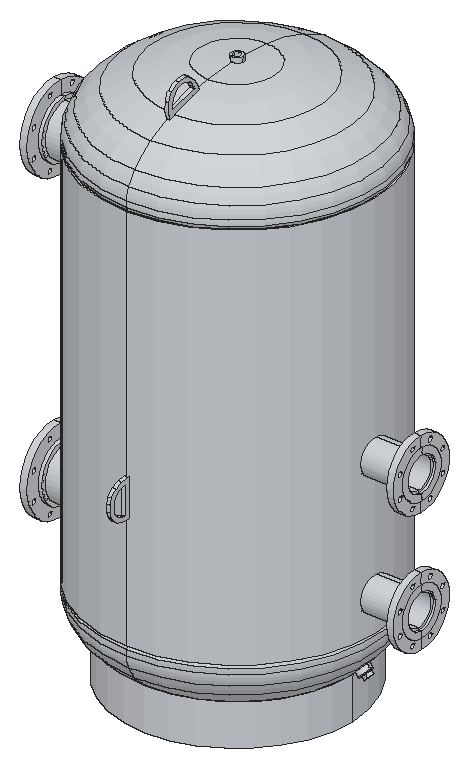
Revit family "HBT-300-46", category Generic Models, Revit 2014
Parameters (values of type "HBT-300-46")
  URL = "http://westank.com/"
  Tank Volume = 300.00 gal
  Part Number = 55643044
  Model = "HBT-300-44"
  Maximum Shipping Weight = 816 lbf
  G = 16"
  B = 6"
  A = 4"
  F = 32"
  E = 56"
  Description = "Wessels ASME 4-port primary-secondary Hot Water Buffer Tanks (HBT) are designed for use with today’s high efficiency systems that incorporate small modular low-mass boilers."
  D = 72"
  C = 36"
Reference planes (in)
  plane 1 "Center (Front/Back)": y = 0
  plane 2: z = 0
  plane 3 "Center (Left/Right)": x = 0
  plane 4: z = 0
  plane 5: x = -18
  plane 6: x = 18
  plane 7: z = 72
  plane 8: z = 56
  plane 9: z = 32
  plane 10: z = 16
Forms (in)
  Revolve 1, solid
    sketch origin (0, -0.02461, 0) x (0, 1, 0) y (0, 0, 1)
      loop
        line (-17.97559, 11.40987) -> (-17.77585, 11.40987)
        arc (-17.77585, 11.40987) -> (-17.77901, 11.38745) -> (-17.78675, 11.36617) r 0.10832
        line (-17.78675, 11.36617) -> (-17.97559, 10.97899)
        arc (-17.97559, 10.97899) -> (-17.97692, 10.6034) -> (-17.93634, 10.23002) r 3.36112
        arc (-17.93634, 10.23002) -> (-17.83534, 9.45516) -> (-17.56075, 8.72359) r 3.4127
        arc (-17.56075, 8.72359) -> (-17.14884, 7.91952) -> (-16.63227, 7.17835) r 6.68364
        arc (-16.63227, 7.17835) -> (-15.41449, 5.9118) -> (-13.99078, 4.88214) r 9.83519
        arc (-13.99078, 4.88214) -> (-12.33964, 3.99029) -> (-10.62031, 3.23825) r 22.63963
        arc (-10.62031, 3.23825) -> (-7.74153, 2.33452) -> (-4.76815, 1.82164) r 22.63963
        arc (-4.76815, 1.82164) -> (-2.37465, 1.61295) -> (0.02461, 1.4865) r 70.02787
        line (0.02461, 1.4865) -> (0.02461, 1.65848)
        arc (0.02461, 1.65848) -> (-2.3657, 1.78462) -> (-4.75028, 1.99258) r 69.85599
        arc (-4.75028, 1.99258) -> (-7.70109, 2.50157) -> (-10.55801, 3.39844) r 22.46775
        arc (-10.55801, 3.39844) -> (-12.26429, 4.14477) -> (-13.9029, 5.02985) r 22.46775
        arc (-13.9029, 5.02985) -> (-15.30173, 6.04151) -> (-16.49823, 7.28593) r 9.66331
        arc (-16.49823, 7.28593) -> (-17.00303, 8.01057) -> (-17.40515, 8.79685) r 6.51177
        arc (-17.40515, 8.79685) -> (-17.66943, 9.50016) -> (-17.76465, 10.24543) r 3.24083
        arc (-17.76465, 10.24543) -> (-17.80397, 10.58906) -> (-17.80585, 10.93493) r 3.18924
        line (-17.80585, 10.93493) -> (-17.63227, 11.29083)
        arc (-17.63227, 11.29083) -> (-17.60804, 11.35818) -> (-17.59889, 11.42917) r 0.33041
        line (-17.59889, 11.42917) -> (-17.80365, 11.42917) -> (-17.80365, 62.07314) -> (-17.59889, 62.07314)
        arc (-17.59889, 62.07314) -> (-17.60804, 62.14413) -> (-17.63227, 62.21149) r 0.33041
        line (-17.63227, 62.21149) -> (-17.80585, 62.56739)
        arc (-17.80585, 62.56739) -> (-17.80397, 62.91325) -> (-17.76465, 63.25688) r 3.18924
        arc (-17.76465, 63.25688) -> (-17.66943, 64.00215) -> (-17.40515, 64.70547) r 3.24083
        arc (-17.40515, 64.70547) -> (-17.00303, 65.49175) -> (-16.49823, 66.21639) r 6.51177
        arc (-16.49823, 66.21639) -> (-15.30173, 67.4608) -> (-13.9029, 68.47247) r 9.66331
        arc (-13.9029, 68.47247) -> (-12.26429, 69.35755) -> (-10.55801, 70.10388) r 22.46775
        arc (-10.55801, 70.10388) -> (-7.70109, 71.00074) -> (-4.75028, 71.50973) r 22.46775
        arc (-4.75028, 71.50973) -> (-2.3657, 71.71769) -> (0.02461, 71.84383) r 69.85599
        line (0.02461, 71.84383) -> (0.02461, 72.01582)
        arc (0.02461, 72.01582) -> (-2.37465, 71.88936) -> (-4.76815, 71.68068) r 70.02787
        arc (-4.76815, 71.68068) -> (-7.74153, 71.16779) -> (-10.62031, 70.26407) r 22.63963
        arc (-10.62031, 70.26407) -> (-12.33964, 69.51203) -> (-13.99078, 68.62018) r 22.63963
        arc (-13.99078, 68.62018) -> (-15.41449, 67.59052) -> (-16.63227, 66.32397) r 9.83519
        arc (-16.63227, 66.32397) -> (-17.14884, 65.58279) -> (-17.56075, 64.77872) r 6.68364
        arc (-17.56075, 64.77872) -> (-17.83534, 64.04715) -> (-17.93634, 63.2723) r 3.4127
        arc (-17.93634, 63.2723) -> (-17.97692, 62.89891) -> (-17.97559, 62.52332) r 3.36112
        line (-17.97559, 62.52332) -> (-17.78675, 62.13614)
        arc (-17.78675, 62.13614) -> (-17.77901, 62.11486) -> (-17.77585, 62.09244) r 0.10832
        line (-17.77585, 62.09244) -> (-17.97559, 62.09244) -> (-17.97559, 11.40987)
      axis (0.02461, 1.4865) -> (0.02461, 72.01582)
    angle from 0 to 360
  Revolve 2, solid
    sketch origin (1.3301, 0, 3.24654) x (0.990017, 0, -0.140951) y (0.140951, 0, 0.990017)
      loop
        line (14.71753, 6.11956) -> (14.66586, 6.1556) -> (14.25436, 5.56561) -> (14.86992, 5.13627) -> (15.24588, 5.6753) -> (15.19462, 5.71106) -> (15.31904, 5.88945) -> (14.80641, 6.24699) -> (14.71753, 6.11956)
      axis (14.25436, 5.56561) -> (14.86992, 5.13627)
    angle from 0 to 360
  Extrusion 3, solid
    sketch origin (16.3437, -180, 7.27869) x (0.681658, 0, 0.731671) y (0, -1, 0)
      loop
        line (-0.16036, -179.52645) -> (-0.95521, -179.68698) -> (-0.79485, -180.48095) -> (0, -180.32042) -> (-0.16036, -179.52645)
    from 1.02698 to 1.52678
  Extrusion 4, solid
    sketch origin (0, -6.04905, 4.9833) x (0, 1, 0) y (0, 0, 1)
      loop
        line (-11.93439, 21.33067) -> (-11.93439, 26.202)
        arc (-11.93439, 26.202) -> (-12.47846, 26.15164) -> (-13.01533, 26.05008) r 5.77422
        arc (-13.01533, 26.05008) -> (-13.49297, 25.89754) -> (-13.94252, 25.67548) r 3.35288
        arc (-13.94252, 25.67548) -> (-14.34081, 25.36666) -> (-14.64962, 24.96837) r 2.0073
        arc (-14.64962, 24.96837) -> (-14.80343, 24.58932) -> (-14.88788, 24.18906) r 2.30742
        arc (-14.88788, 24.18906) -> (-14.91277, 23.77188) -> (-14.88788, 23.3547) r 3.50846
        arc (-14.88788, 23.3547) -> (-14.79412, 22.92876) -> (-14.61961, 22.52904) r 2.24053
        arc (-14.61961, 22.52904) -> (-14.27401, 22.08806) -> (-13.80999, 21.77406) r 1.8078
        arc (-13.80999, 21.77406) -> (-13.34321, 21.55591) -> (-12.84107, 21.44044) r 2.44481
        arc (-12.84107, 21.44044) -> (-12.39043, 21.36326) -> (-11.93439, 21.33067) r 4.65484
      loop
        arc (-12.44611, 25.63929) -> (-12.67227, 25.60073) -> (-12.89654, 25.55235) r 5.2625
        arc (-12.89654, 25.55235) -> (-13.30128, 25.42308) -> (-13.68221, 25.23491) r 2.84116
        arc (-13.68221, 25.23491) -> (-13.97364, 25.01013) -> (-14.20134, 24.72098) r 1.49558
        arc (-14.20134, 24.72098) -> (-14.3163, 24.43235) -> (-14.37979, 24.12821) r 1.7957
        arc (-14.37979, 24.12821) -> (-14.40106, 23.77188) -> (-14.37979, 23.41555) r 2.99674
        arc (-14.37979, 23.41555) -> (-14.30745, 23.08689) -> (-14.17279, 22.77846) r 1.72881
        arc (-14.17279, 22.77846) -> (-13.91552, 22.45353) -> (-13.56884, 22.22643) r 1.29608
        arc (-13.56884, 22.22643) -> (-13.1779, 22.0402) -> (-12.75531, 21.94566) r 1.9331
        arc (-12.75531, 21.94566) -> (-12.60126, 21.91347) -> (-12.44611, 21.88716) r 4.14312
        line (-12.44611, 21.88716) -> (-12.44611, 25.63929)
    from -0.24366 to 0.25634
  Extrusion 5, solid
    sketch origin (0, -28.53332, 53.09576) x (0, 0.284015, -0.95882) y (0, 0.95882, 0.284015)
      loop
        arc (-11.9298, 25.67102) -> (-12.15596, 25.63246) -> (-12.38023, 25.58408) r 5.2625
        arc (-12.38023, 25.58408) -> (-12.78497, 25.45482) -> (-13.16591, 25.26664) r 2.84116
        arc (-13.16591, 25.26664) -> (-13.45733, 25.04186) -> (-13.68503, 24.75271) r 1.49558
        arc (-13.68503, 24.75271) -> (-13.8, 24.46408) -> (-13.86349, 24.15994) r 1.7957
        arc (-13.86349, 24.15994) -> (-13.88475, 23.80361) -> (-13.86349, 23.44728) r 2.99674
        arc (-13.86349, 23.44728) -> (-13.79114, 23.11862) -> (-13.65649, 22.81019) r 1.72881
        arc (-13.65649, 22.81019) -> (-13.39922, 22.48527) -> (-13.05253, 22.25816) r 1.29608
        arc (-13.05253, 22.25816) -> (-12.66159, 22.07193) -> (-12.239, 21.97739) r 1.9331
        arc (-12.239, 21.97739) -> (-12.08496, 21.94521) -> (-11.9298, 21.91889) r 4.14312
        line (-11.9298, 21.91889) -> (-11.9298, 25.67102)
      loop
        line (-11.1798, 21.34267) -> (-11.1798, 26.18132)
        arc (-11.1798, 26.18132) -> (-12.12256, 26.16802) -> (-13.02719, 25.90227) r 3.48194
        arc (-13.02719, 25.90227) -> (-13.54727, 25.6041) -> (-13.99851, 25.20943) r 3.03185
        arc (-13.99851, 25.20943) -> (-14.28248, 24.55653) -> (-14.39992, 23.8543) r 2.91879
        arc (-14.39992, 23.8543) -> (-14.3348, 23.1787) -> (-14.08611, 22.54717) r 2.44012
        arc (-14.08611, 22.54717) -> (-13.716, 22.08641) -> (-13.21844, 21.76749) r 1.83162
        arc (-13.21844, 21.76749) -> (-12.2207, 21.45151) -> (-11.1798, 21.34267) r 5.1769
    from -0.24366 to 0.25634
  Extrusion 6, solid
    sketch origin (0, 0, 0) x (1, 0, 0) y (0, 1, 0)
      loop
        circle (0, 0) r 0.75
      loop
        circle (0, 0) r 0.5
    from 71.36613 to 72.49354
  Extrusion 7, void
    sketch origin (0, 0, 0) x (1, 0, 0) y (0, 1, 0)
      loop
        circle (0, 0) r 0.5
    from 70.90268 to 73.75579
  Revolve 8, solid
    sketch origin (0, 0, 0) x (1, 0, 0) y (0, 0, 1)
      loop
        line (14.82824, 5.43485) -> (14.82824, 0) -> (15, 0) -> (15, 5.43485) -> (14.82824, 5.43485)
      axis (0, 5.43485) -> (0, 0)
    angle from 0 to 360
  Extrusion 9, void
    sketch origin (0, 0, 0.25) x (0, 1, 0) y (0, 0, 1)
      loop
        circle (0, 55.75) r 3.03236
    from -21.98599 to -16.85333
  Revolve 10, solid
    sketch origin (3.00177, 0, 1.50063) x (1, 0, 0) y (0, 0, 1)
      loop
        line (19.69342, 12.25173) -> (19.69342, 11.84314) -> (20.06842, 11.84314) -> (20.06842, 9.99924) -> (20.94342, 9.99924) -> (20.94342, 11.40561) -> (21.00592, 11.40561) -> (21.00592, 12.25173) -> (19.69342, 12.25173)
      axis (21.00592, 14.49937) -> (19.69342, 14.49937)
    angle from 0 to 360
  Revolve 11, solid
    sketch origin (3.60333, 0, 1.50258) x (-1, 0, 0) y (0, 0, 1)
      loop
        line (-13.77936, 12.48442) -> (-20.02936, 12.48442) -> (-20.02936, 12.24742) -> (-13.77936, 12.24742) -> (-13.77936, 12.48442)
      axis (-20.02936, 14.49742) -> (-13.77936, 14.49742)
    angle from 0 to 360
  Extrusion 12, void
    sketch origin (-3.60333, 0.13917, 2.92009) x (0, 1, 0) y (0, 0, -1)
      loop
        circle (1.69719, -17.48433) r 0.39709
      loop
        circle (-1.9754, -17.46881) r 0.36639
      loop
        circle (-4.51769, -14.87895) r 0.39644
      loop
        circle (-4.52689, -11.27295) r 0.39509
      loop
        circle (-1.97257, -8.6987) r 0.36154
      loop
        circle (1.64514, -8.71232) r 0.37125
      loop
        circle (4.24496, -14.89528) r 0.38234
      loop
        circle (4.26498, -11.26686) r 0.36602
    from 22.86736 to 18.16765
  Extrusion 13, void
    sketch origin (3.60333, 0.13917, 2.92009) x (0, 1, 0) y (0, 0, 1)
      loop
        circle (1.30132, 16.54217) r 0.39709
      loop
        circle (-1.56705, 16.54739) r 0.36639
      loop
        circle (-3.60255, 14.51771) r 0.39644
      loop
        circle (-3.60937, 11.65864) r 0.39509
      loop
        circle (-1.59929, 9.62587) r 0.36154
      loop
        circle (1.29595, 9.61541) r 0.37125
      loop
        circle (3.31863, 14.53108) r 0.38234
      loop
        circle (3.32718, 11.64927) r 0.36602
    from 22.86736 to 16.64667
  Revolve 14, solid
    sketch origin (3.00177, 0, 17.50063) x (1, 0, 0) y (0, 0, 1)
      loop
        line (19.69342, 12.25173) -> (19.69342, 11.84314) -> (20.06842, 11.84314) -> (20.06842, 9.99924) -> (20.94342, 9.99924) -> (20.94342, 11.40561) -> (21.00592, 11.40561) -> (21.00592, 12.25173) -> (19.69342, 12.25173)
      axis (21.00592, 14.49937) -> (19.69342, 14.49937)
    angle from 0 to 360
  Revolve 15, solid
    sketch origin (3.60333, 0, 17.50258) x (-1, 0, 0) y (0, 0, 1)
      loop
        line (-13.77936, 12.48442) -> (-20.02936, 12.48442) -> (-20.02936, 12.24742) -> (-13.77936, 12.24742) -> (-13.77936, 12.48442)
      axis (-20.02936, 14.49742) -> (-13.77936, 14.49742)
    angle from 0 to 360
  Extrusion 16, void
    sketch origin (3.60333, 0.13917, 18.92009) x (0, 1, 0) y (0, 0, 1)
      loop
        circle (1.30132, 16.54217) r 0.39709
      loop
        circle (-1.56705, 16.54739) r 0.36639
      loop
        circle (-3.60255, 14.51771) r 0.39644
      loop
        circle (-3.60937, 11.65864) r 0.39509
      loop
        circle (-1.59929, 9.62587) r 0.36154
      loop
        circle (1.29595, 9.61541) r 0.37125
      loop
        circle (3.31863, 14.53108) r 0.38234
      loop
        circle (3.32718, 11.64927) r 0.36602
    from 22.86736 to 16.64667
  Revolve 17, solid
    sketch origin (-2.98639, 0, 1.50063) x (-1, 0, 0) y (0, 0, 1)
      loop
        line (19.42942, 11.18586) -> (19.42942, 10.71812) -> (19.99192, 10.71812) -> (19.99192, 8.99937) -> (20.92942, 8.99937) -> (20.92942, 10.24937) -> (20.99192, 10.24937) -> (20.99192, 11.18586) -> (19.42942, 11.18586)
      axis (20.99192, 14.49937) -> (19.42942, 14.49937)
    angle from 0 to 360
  Revolve 18, solid
    sketch origin (-3.58795, 0, 1.50258) x (1, 0, 0) y (0, 0, 1)
      loop
        line (-13.76536, 11.46505) -> (-19.89036, 11.46505) -> (-19.89036, 11.18492) -> (-13.76536, 11.18492) -> (-13.76536, 11.46505)
      axis (-19.89036, 14.49742) -> (-13.76536, 14.49742)
    angle from 0 to 360
  Extrusion 19, void
    sketch origin (0, 0, 0) x (0, 1, 0) y (0, 0, 1)
      loop
        circle (0, 16) r 2.013
      loop
        circle (0, 32) r 2.013
    from 10.01969 to 28.21152
  Extrusion 20, void
    sketch origin (0, 0, 0) x (0, 1, 0) y (0, 0, 1)
      loop
        circle (0, 16) r 3.03236
    from -25.80262 to -14.49862
  Revolve 21, solid
    sketch origin (-2.98639, 0, 41.50063) x (-1, 0, 0) y (0, 0, 1)
      loop
        line (19.42942, 11.18586) -> (19.42942, 10.71812) -> (19.99192, 10.71812) -> (19.99192, 8.99937) -> (20.92942, 8.99937) -> (20.92942, 10.24937) -> (20.99192, 10.24937) -> (20.99192, 11.18586) -> (19.42942, 11.18586)
      axis (20.99192, 14.49937) -> (19.42942, 14.49937)
    angle from 0 to 360
  Revolve 22, solid
    sketch origin (-3.58795, 0, 41.50258) x (1, 0, 0) y (0, 0, 1)
      loop
        line (-13.76536, 11.46505) -> (-19.89036, 11.46505) -> (-19.89036, 11.18492) -> (-13.76536, 11.18492) -> (-13.76536, 11.46505)
      axis (-19.89036, 14.49742) -> (-13.76536, 14.49742)
    angle from 0 to 360
  Extrusion 23, void
    sketch origin (-3.60333, 0.13917, 42.93945) x (0, 1, 0) y (0, 0, -1)
      loop
        circle (1.69719, -17.48433) r 0.39709
      loop
        circle (-1.9754, -17.46881) r 0.36639
      loop
        circle (-4.51769, -14.87895) r 0.39644
      loop
        circle (-4.52689, -11.27295) r 0.39509
      loop
        circle (-1.97257, -8.6987) r 0.36154
      loop
        circle (1.64514, -8.71232) r 0.37125
      loop
        circle (4.24496, -14.89528) r 0.38234
      loop
        circle (4.26498, -11.26686) r 0.36602
    from 22.86736 to 18.16765
Cuts and joins
  joined: Extrusion 3, Extrusion 4, Extrusion 5, Extrusion 6, Revolve 8
  Extrusion 7, Extrusion 9, Extrusion 12, Extrusion 19, Extrusion 20 cuts Revolve 1
  Extrusion 13, Extrusion 16 cuts Revolve 10
  Extrusion 12, Extrusion 23 cuts Revolve 17
  Extrusion 16 cuts Revolve 14
  Extrusion 23 cuts Revolve 21
Dimensions and locks (in)
  "D": plane 7 to plane 4
  "G": plane 10 to plane 4
  "F": plane 9 to plane 4
  "E": plane 8 to plane 4
  "C": plane 6 to plane 5
  aligned and locked: plane 2 to level
Automatic sketch dimensions
  Revolve 1 sketch curve to Revolve 1 sketch curve = 0"  (x56)
  Revolve 1 sketch curve to plane 1 "Center (Front/Back)" = 0"  (x3)
  plane 1 "Center (Front/Back)" to Revolve 1 sketch curve = 2.43969"  (x2)
  Revolve 1 sketch curve to plane 10 = 2.66549"
  plane 1 "Center (Front/Back)" to Revolve 1 sketch curve = 8.98663"  (x2)
  plane 8 to Revolve 1 sketch curve = 4.16781"
  Revolve 1 sketch curve to Revolve 1 sketch curve = 2.45782"  (x2)
  Revolve 1 sketch curve to Revolve 1 sketch curve = 3.10417"  (x2)
  Revolve 1 sketch curve to Revolve 1 sketch curve = 0.0964"  (x2)
  Revolve 1 sketch curve to Revolve 1 sketch curve = 2.97849"  (x2)
  plane 8 to Revolve 1 sketch curve = 6.21149"
  Revolve 1 sketch curve to Revolve 1 sketch curve = 0.03338"  (x2)
  Revolve 1 sketch curve to plane 10 = 4.70917"
  Revolve 1 sketch curve to Revolve 1 sketch curve = 0.17696"  (x2)
  Revolve 1 sketch curve to plane 10 = 4.63383"
  Revolve 1 sketch curve to Revolve 1 sketch curve = 0.0109"  (x2)
  plane 8 to Revolve 1 sketch curve = 6.13614"
  Revolve 1 sketch curve to Revolve 1 sketch curve = 0.0278"
  plane 8 to Revolve 1 sketch curve = 6.56739"
  Revolve 1 sketch curve to Revolve 1 sketch curve = 0.17358"  (x2)
  Revolve 1 sketch curve to plane 10 = 5.06507"
  Revolve 1 sketch curve to Revolve 1 sketch curve = 0.08045"  (x2)
  Revolve 1 sketch curve to Revolve 1 sketch curve = 0.04514"  (x2)
  Revolve 1 sketch curve to Revolve 1 sketch curve = 0.04635"
  Revolve 1 sketch curve to plane 10 = 5.02101"
  Revolve 1 sketch curve to Revolve 1 sketch curve = 0.16974"  (x2)
  plane 8 to Revolve 1 sketch curve = 6.52332"
  Revolve 1 sketch curve to plane 7 = 0.52976"
  Revolve 1 sketch curve to plane 1 "Center (Front/Back)" = 2.48565"  (x2)
  Revolve 1 sketch curve to Revolve 1 sketch curve = 0.51151"
  Revolve 1 sketch curve to Revolve 1 sketch curve = 0.49854"  (x2)
  level to Revolve 1 sketch curve = 2.03208"
  level to Revolve 1 sketch curve = 1.65848"
  Revolve 1 sketch curve to Revolve 1 sketch curve = 0.17198"
  Revolve 1 sketch curve to Revolve 1 sketch curve = 1 249/256"  (x2)
  Revolve 1 sketch curve to Revolve 1 sketch curve = 0.0437"
  Revolve 1 sketch curve to Revolve 1 sketch curve = 0.0193"
  Revolve 1 sketch curve to plane 9 = 7.66135"
  Revolve 1 sketch curve to plane 8 = 6.83634"
  Revolve 1 sketch curve to Revolve 1 sketch curve = 0.0695"
  Revolve 1 sketch curve to Revolve 1 sketch curve = 0.02202"
  Revolve 1 sketch curve to Revolve 1 sketch curve = 0.64986"
  Revolve 1 sketch curve to plane 7 = 0.15617"
  plane 7 to Revolve 1 sketch curve = 0.01582"
  Revolve 1 sketch curve to plane 7 = 1.89612"
  level to Revolve 1 sketch curve = 3 51/128"
  Revolve 1 sketch curve to Revolve 1 sketch curve = 0.06229"  (x2)
  Revolve 1 sketch curve to Revolve 1 sketch curve = 0.90692"  (x2)
  Revolve 1 sketch curve to Revolve 1 sketch curve = 0.1556"  (x2)
  Revolve 1 sketch curve to plane 9 = 3.10692"
  plane 9 to Revolve 1 sketch curve = 0.64308"
  Revolve 2 sketch curve to plane 6 = 1.77337"
  level to Revolve 2 sketch curve = 6.74742"
  Revolve 2 sketch curve to Revolve 2 sketch curve = 0.4115"
  Revolve 2 sketch curve to Revolve 2 sketch curve = 0.05167"
  Revolve 2 sketch curve to Revolve 2 sketch curve = 0.08888"
  Revolve 2 sketch curve to Revolve 2 sketch curve = 0.61556"
  Revolve 2 sketch curve to Revolve 2 sketch curve = 0.47709"
  Revolve 2 sketch curve to Revolve 2 sketch curve = 0.05126"
  Revolve 2 sketch curve to Revolve 2 sketch curve = 0.42934"
  Revolve 2 sketch curve to Revolve 2 sketch curve = 0.12768"
  Revolve 2 sketch curve to Revolve 2 sketch curve = 0"  (x2)
  Revolve 2 sketch curve to Revolve 2 sketch curve = 0.08905"
  plane 1 "Center (Front/Back)" to Extrusion 3 sketch curve = 0.31302"
  Extrusion 3 sketch curve to plane 1 "Center (Front/Back)" = 0.48095"
  Extrusion 3 sketch curve to Extrusion 3 sketch curve = 0.16036"  (x2)
  plane 1 "Center (Front/Back)" to Extrusion 3 sketch curve = 0.47355"
  Extrusion 3 sketch curve to Extrusion 3 sketch curve = 0.79485"
  Extrusion 3 sketch curve to plane 1 "Center (Front/Back)" = 0.32042"
  Extrusion 4 sketch curve to Extrusion 4 sketch curve = 0"  (x24)
  Extrusion 4 sketch curve to plane 9 = 3.6065"
  plane 1 "Center (Front/Back)" to Extrusion 4 sketch curve = 19.09014"
  Extrusion 4 sketch curve to Extrusion 4 sketch curve = 0.11966"
  Extrusion 4 sketch curve to Extrusion 4 sketch curve = 0.25819"
  Extrusion 4 sketch curve to Extrusion 4 sketch curve = 17/256"
  Extrusion 4 sketch curve to Extrusion 4 sketch curve = 0.04958"
  Extrusion 4 sketch curve to Extrusion 4 sketch curve = 0.15073"
  Extrusion 4 sketch curve to Extrusion 4 sketch curve = 0.20915"
  Extrusion 4 sketch curve to Extrusion 4 sketch curve = 131/256"
  Extrusion 4 sketch curve to Extrusion 4 sketch curve = 0.10338"
  Extrusion 4 sketch curve to Extrusion 4 sketch curve = 0.25955"
  Extrusion 4 sketch curve to Extrusion 4 sketch curve = 1.14294"
  Extrusion 4 sketch curve to Extrusion 4 sketch curve = 0.62139"
  Extrusion 4 sketch curve to Extrusion 4 sketch curve = 0.90165"
  Extrusion 4 sketch curve to Extrusion 4 sketch curve = 0.55648"
  Extrusion 4 sketch curve to Extrusion 4 sketch curve = 0.89706"
  Extrusion 4 sketch curve to Extrusion 4 sketch curve = 27/128"
  Extrusion 4 sketch curve to Extrusion 4 sketch curve = 0.15076"
  Extrusion 4 sketch curve to Extrusion 4 sketch curve = 0.24641"
  Extrusion 4 sketch curve to Extrusion 4 sketch curve = 0.04716"
  Extrusion 4 sketch curve to Extrusion 4 sketch curve = 0.0326"
  Extrusion 4 sketch curve to plane 9 = 1.37741"
  Extrusion 4 sketch curve to Extrusion 4 sketch curve = 0.34507"
  Extrusion 4 sketch curve to Extrusion 4 sketch curve = 0.21764"
  Extrusion 4 sketch curve to Extrusion 4 sketch curve = 1.12273"
  Extrusion 4 sketch curve to Extrusion 4 sketch curve = 0.78568"
  Extrusion 4 sketch curve to Extrusion 4 sketch curve = 0.24115"
  Extrusion 4 sketch curve to Extrusion 4 sketch curve = 0.2603"
  Extrusion 4 sketch curve to Extrusion 4 sketch curve = 0.60395"
  Extrusion 4 sketch curve to Extrusion 4 sketch curve = 0.51913"
  Extrusion 4 sketch curve to Extrusion 4 sketch curve = 0.44682"
  Extrusion 4 sketch curve to Extrusion 4 sketch curve = 0.44829"
  Extrusion 6 sketch curve to Extrusion 6 sketch curve = 0"  (x2)
  plane 1 "Center (Front/Back)" to Extrusion 6 sketch curve = 0"
  Extrusion 6 sketch curve to plane 3 "Center (Left/Right)" = 0"
  Extrusion 7 sketch curve to Extrusion 7 sketch curve = 0"  (x2)
  plane 1 "Center (Front/Back)" to Extrusion 7 sketch curve = 0"
  Extrusion 7 sketch curve to plane 3 "Center (Left/Right)" = 0"
  Extrusion 7 sketch curve to plane 3 "Center (Left/Right)" = 1/2"
  Revolve 8 sketch curve to plane 3 "Center (Left/Right)" = 0"
  Revolve 8 sketch curve to level = 0"
  Revolve 8 sketch curve to plane 6 = 3.17176"
  Revolve 8 sketch curve to Revolve 8 sketch curve = 0.17176"
  level to Revolve 8 sketch curve = 5.43485"
  level to Revolve 8 sketch curve = 4.69941"
  Revolve 8 sketch curve to Revolve 8 sketch curve = 1"
  Extrusion 9 sketch curve to Extrusion 9 sketch curve = 0"  (x2)
  Extrusion 9 sketch curve to plane 1 "Center (Front/Back)" = 0"
  Extrusion 9 sketch curve to plane 8 = 0"
  Extrusion 9 sketch curve to plane 8 = 3.03236"
  Revolve 10 sketch curve to plane 10 = 0"
  plane 6 to Revolve 10 sketch curve = 4.69519"
  Revolve 10 sketch curve to Revolve 10 sketch curve = 3/8"
  Revolve 10 sketch curve to Revolve 10 sketch curve = 7/8"
  Revolve 10 sketch curve to Revolve 10 sketch curve = 1/16"
  Revolve 10 sketch curve to plane 10 = 2.24764"
  Revolve 10 sketch curve to Revolve 10 sketch curve = 0.40859"
  Revolve 10 sketch curve to Revolve 10 sketch curve = 0.84612"
  Revolve 10 sketch curve to Revolve 10 sketch curve = 1.40637"
  Revolve 10 sketch curve to plane 6 = 0.57793"
  Revolve 10 sketch curve to Revolve 10 sketch curve = 0.68278"
  Revolve 11 sketch curve to plane 10 = 0"
  plane 10 to Revolve 11 sketch curve = 2 1/4"
  Revolve 11 sketch curve to plane 6 = 5.63269"
  plane 6 to Revolve 11 sketch curve = 0.61731"
  Revolve 11 sketch curve to Revolve 11 sketch curve = 0.237"
  Revolve 11 sketch curve to plane 6 = 0.1741"
  plane 6 to Revolve 11 sketch curve = 0.18605"
  Extrusion 12 sketch curve to plane 10 = 1.80696"
  plane 1 "Center (Front/Back)" to Extrusion 12 sketch curve = 4.38772"
  plane 10 to Extrusion 12 sketch curve = 1.79904"
  Extrusion 12 sketch curve to Extrusion 12 sketch curve = 0.0092"
  plane 1 "Center (Front/Back)" to Extrusion 12 sketch curve = 1.83624"
  plane 1 "Center (Front/Back)" to Extrusion 12 sketch curve = 1.8334"
  Extrusion 12 sketch curve to plane 1 "Center (Front/Back)" = 1.78431"
  Extrusion 12 sketch curve to plane 1 "Center (Front/Back)" = 1.83636"
  plane 10 to Extrusion 12 sketch curve = 1.81537"
  Extrusion 12 sketch curve to Extrusion 12 sketch curve = 2.54777"
  Extrusion 12 sketch curve to plane 10 = 1.81305"
  Extrusion 12 sketch curve to Extrusion 12 sketch curve = 0.02003"
  Extrusion 12 sketch curve to Extrusion 12 sketch curve = 2 151/256"
  Extrusion 12 sketch curve to Extrusion 12 sketch curve = 2.58906"
  Extrusion 12 sketch curve to Extrusion 12 sketch curve = 2.55454"
  Extrusion 12 sketch curve to Extrusion 12 sketch curve = 0.01362"
  Extrusion 13 sketch curve to plane 10 = 1.42127"
  plane 1 "Center (Front/Back)" to Extrusion 13 sketch curve = 3.4702"
  Extrusion 13 sketch curve to Extrusion 13 sketch curve = 0.00682"
  plane 1 "Center (Front/Back)" to Extrusion 13 sketch curve = 1.46012"
  plane 1 "Center (Front/Back)" to Extrusion 13 sketch curve = 1.42788"
  Extrusion 13 sketch curve to plane 1 "Center (Front/Back)" = 1.43512"
  Extrusion 13 sketch curve to plane 1 "Center (Front/Back)" = 1.44049"
  Extrusion 13 sketch curve to Extrusion 13 sketch curve = 2.01731"
  Extrusion 13 sketch curve to plane 10 = 1.43064"
  Extrusion 13 sketch curve to Extrusion 13 sketch curve = 2 1/32"
  Extrusion 13 sketch curve to Extrusion 13 sketch curve = 2.03277"
  Extrusion 13 sketch curve to Extrusion 13 sketch curve = 2.03386"
  plane 10 to Extrusion 13 sketch curve = 1.4378"
  plane 10 to Extrusion 13 sketch curve = 1.45117"
  Extrusion 13 sketch curve to Extrusion 13 sketch curve = 2.01109"
  Extrusion 13 sketch curve to Extrusion 13 sketch curve = 0.00522"
  Revolve 14 sketch curve to plane 9 = 0"
  plane 6 to Revolve 14 sketch curve = 4.69519"
  Revolve 14 sketch curve to Revolve 14 sketch curve = 3/8"
  Revolve 14 sketch curve to Revolve 14 sketch curve = 7/8"
  Revolve 14 sketch curve to Revolve 14 sketch curve = 1/16"
  Revolve 14 sketch curve to plane 9 = 2.24764"
  Revolve 14 sketch curve to Revolve 14 sketch curve = 0.40859"
  Revolve 14 sketch curve to Revolve 14 sketch curve = 0.84612"
  Revolve 14 sketch curve to Revolve 14 sketch curve = 1.40637"
  Revolve 14 sketch curve to plane 6 = 0.57793"
  Revolve 14 sketch curve to Revolve 14 sketch curve = 0.68278"
  Revolve 15 sketch curve to plane 9 = 0"
  plane 9 to Revolve 15 sketch curve = 2 1/4"
  Revolve 15 sketch curve to plane 6 = 5.63269"
  plane 6 to Revolve 15 sketch curve = 0.61731"
  Revolve 15 sketch curve to Revolve 15 sketch curve = 0.237"
  Revolve 15 sketch curve to plane 6 = 0.1741"
  plane 6 to Revolve 15 sketch curve = 0.18605"
  Extrusion 16 sketch curve to plane 9 = 1.42127"
  plane 1 "Center (Front/Back)" to Extrusion 16 sketch curve = 3.4702"
  Extrusion 16 sketch curve to Extrusion 16 sketch curve = 0.00682"
  plane 1 "Center (Front/Back)" to Extrusion 16 sketch curve = 1.46012"
  plane 1 "Center (Front/Back)" to Extrusion 16 sketch curve = 1.42788"
  Extrusion 16 sketch curve to plane 1 "Center (Front/Back)" = 1.43512"
  Extrusion 16 sketch curve to plane 1 "Center (Front/Back)" = 1.44049"
  Extrusion 16 sketch curve to Extrusion 16 sketch curve = 2.01731"
  Extrusion 16 sketch curve to plane 9 = 1.43064"
  Extrusion 16 sketch curve to Extrusion 16 sketch curve = 2 1/32"
  Extrusion 16 sketch curve to Extrusion 16 sketch curve = 2.03277"
  Extrusion 16 sketch curve to Extrusion 16 sketch curve = 2.03386"
  plane 9 to Extrusion 16 sketch curve = 1.4378"
  plane 9 to Extrusion 16 sketch curve = 1.45117"
  Extrusion 16 sketch curve to Extrusion 16 sketch curve = 2.01109"
  Extrusion 16 sketch curve to Extrusion 16 sketch curve = 0.00522"
  Revolve 17 sketch curve to plane 10 = 0"
  plane 5 to Revolve 17 sketch curve = 4.41581"
  Revolve 17 sketch curve to Revolve 17 sketch curve = 9/16"
  Revolve 17 sketch curve to Revolve 17 sketch curve = 15/16"
  Revolve 17 sketch curve to Revolve 17 sketch curve = 1/16"
  plane 10 to Revolve 17 sketch curve = 3.31351"
  Revolve 17 sketch curve to Revolve 17 sketch curve = 0.46774"
  Revolve 17 sketch curve to Revolve 17 sketch curve = 0.9365"
  Revolve 17 sketch curve to Revolve 17 sketch curve = 1 1/4"
  Revolve 17 sketch curve to plane 5 = 0.59331"
  Revolve 17 sketch curve to Revolve 17 sketch curve = 0.68278"
  Revolve 18 sketch curve to plane 10 = 0"
  Revolve 18 sketch curve to plane 5 = 5.47831"
  plane 5 to Revolve 18 sketch curve = 0.64669"
  Revolve 18 sketch curve to plane 10 = 3.03236"
  Revolve 18 sketch curve to Revolve 18 sketch curve = 0.28014"
  Revolve 18 sketch curve to plane 5 = 0.15872"
  plane 5 to Revolve 18 sketch curve = 0.20143"
  Extrusion 19 sketch curve to Extrusion 19 sketch curve = 0"  (x4)
  Extrusion 19 sketch curve to plane 1 "Center (Front/Back)" = 0"  (x2)
  Extrusion 19 sketch curve to plane 10 = 0"
  Extrusion 19 sketch curve to plane 9 = 0"
  Extrusion 19 sketch curve to plane 10 = 2.013"
  Extrusion 19 sketch curve to plane 9 = 2.013"
  Extrusion 20 sketch curve to Extrusion 20 sketch curve = 0"  (x2)
  Extrusion 20 sketch curve to plane 1 "Center (Front/Back)" = 0"
  Extrusion 20 sketch curve to plane 10 = 0"
  Extrusion 20 sketch curve to plane 10 = 3.03236"
  Revolve 21 sketch curve to plane 8 = 0"
  plane 5 to Revolve 21 sketch curve = 4.41581"
  Revolve 21 sketch curve to Revolve 21 sketch curve = 9/16"
  Revolve 21 sketch curve to Revolve 21 sketch curve = 15/16"
  Revolve 21 sketch curve to Revolve 21 sketch curve = 1/16"
  plane 8 to Revolve 21 sketch curve = 3.31351"
  Revolve 21 sketch curve to Revolve 21 sketch curve = 0.46774"
  Revolve 21 sketch curve to Revolve 21 sketch curve = 0.9365"
  Revolve 21 sketch curve to Revolve 21 sketch curve = 1 1/4"
  Revolve 21 sketch curve to plane 5 = 0.59331"
  Revolve 21 sketch curve to Revolve 21 sketch curve = 0.68278"
  Revolve 22 sketch curve to plane 8 = 0"
  Revolve 22 sketch curve to plane 5 = 5.47831"
  plane 5 to Revolve 22 sketch curve = 0.64669"
  Revolve 22 sketch curve to plane 8 = 3.03236"
  Revolve 22 sketch curve to Revolve 22 sketch curve = 0.28014"
  Revolve 22 sketch curve to plane 5 = 0.15872"
  plane 5 to Revolve 22 sketch curve = 0.20143"
  Extrusion 23 sketch curve to plane 8 = 1.78759"
  plane 1 "Center (Front/Back)" to Extrusion 23 sketch curve = 4.38772"
  Extrusion 23 sketch curve to Extrusion 23 sketch curve = 0.0092"
  plane 1 "Center (Front/Back)" to Extrusion 23 sketch curve = 1.83624"
  plane 1 "Center (Front/Back)" to Extrusion 23 sketch curve = 1.8334"
  Extrusion 23 sketch curve to plane 1 "Center (Front/Back)" = 1.78431"
  Extrusion 23 sketch curve to plane 1 "Center (Front/Back)" = 1.83636"
  Extrusion 23 sketch curve to Extrusion 23 sketch curve = 2.54777"
  Extrusion 23 sketch curve to plane 8 = 1.79368"
  Extrusion 23 sketch curve to Extrusion 23 sketch curve = 0.02003"
  plane 8 to Extrusion 23 sketch curve = 1.8184"
  plane 8 to Extrusion 23 sketch curve = 1.83473"
  Extrusion 23 sketch curve to Extrusion 23 sketch curve = 2 151/256"
  Extrusion 23 sketch curve to Extrusion 23 sketch curve = 2.58906"
  Extrusion 23 sketch curve to plane 8 = 4.34823"
  Extrusion 23 sketch curve to plane 8 = 4.36185"
  Extrusion 5 sketch curve to plane 7 = 0.23736"
  plane 1 "Center (Front/Back)" to Extrusion 5 sketch curve = 9.61397"
  Extrusion 5 sketch curve to Extrusion 5 sketch curve = 0.03301"
  Extrusion 5 sketch curve to Extrusion 5 sketch curve = 0.08665"
  Extrusion 5 sketch curve to Extrusion 5 sketch curve = 0.34483"
  Extrusion 5 sketch curve to Extrusion 5 sketch curve = 17/256"
  Extrusion 5 sketch curve to Extrusion 5 sketch curve = 0.04958"
  Extrusion 5 sketch curve to Extrusion 5 sketch curve = 0.06885"
  Extrusion 5 sketch curve to Extrusion 5 sketch curve = 0.15073"
  Extrusion 5 sketch curve to Extrusion 5 sketch curve = 0.36028"
  Extrusion 5 sketch curve to Extrusion 5 sketch curve = 0.06601"
  Extrusion 5 sketch curve to Extrusion 5 sketch curve = 0.11815"
  Extrusion 5 sketch curve to Extrusion 5 sketch curve = 0.47821"
  Extrusion 5 sketch curve to Extrusion 5 sketch curve = 0.6151"
  Extrusion 5 sketch curve to Extrusion 5 sketch curve = 0.1349"
  Extrusion 5 sketch curve to Extrusion 5 sketch curve = 0.01521"
  Extrusion 5 sketch curve to Extrusion 5 sketch curve = 0.02126"
  Extrusion 5 sketch curve to Extrusion 5 sketch curve = 0.59588"
  Extrusion 5 sketch curve to Extrusion 5 sketch curve = 0.3061"
  Extrusion 5 sketch curve to Extrusion 5 sketch curve = 0.31529"
  Extrusion 5 sketch curve to Extrusion 5 sketch curve = 0.0954"
  Extrusion 5 sketch curve to Extrusion 5 sketch curve = 0.80625"
  Extrusion 5 sketch curve to Extrusion 5 sketch curve = 0.57623"
  Extrusion 5 sketch curve to Extrusion 5 sketch curve = 0.87732"
  Extrusion 5 sketch curve to Extrusion 5 sketch curve = 0.00686"
  Extrusion 5 sketch curve to Extrusion 5 sketch curve = 0.20406"
  Extrusion 5 sketch curve to Extrusion 5 sketch curve = 0.59172"
  Extrusion 5 sketch curve to Extrusion 5 sketch curve = 0.09548"
  Extrusion 5 sketch curve to Extrusion 5 sketch curve = 0.07607"
  Extrusion 5 sketch curve to Extrusion 5 sketch curve = 0.15093"
  Extrusion 5 sketch curve to Extrusion 5 sketch curve = 0.04716"
  Extrusion 5 sketch curve to Extrusion 5 sketch curve = 0.0326"
  Extrusion 5 sketch curve to Extrusion 5 sketch curve = 1.7246"
  Extrusion 5 sketch curve to Extrusion 5 sketch curve = 0.34507"
  Extrusion 5 sketch curve to Extrusion 5 sketch curve = 0.16523"
  Extrusion 5 sketch curve to Extrusion 5 sketch curve = 0.33822"
  Extrusion 5 sketch curve to Extrusion 5 sketch curve = 0"  (x6)
  Extrusion 5 sketch curve to Extrusion 5 sketch curve = 0.1659"
  Extrusion 5 sketch curve to Extrusion 5 sketch curve = 0.13872"
  Extrusion 5 sketch curve to Extrusion 5 sketch curve = 0.42962"
  Extrusion 5 sketch curve to Extrusion 5 sketch curve = 0.51913"
  Extrusion 5 sketch curve to Extrusion 5 sketch curve = 0.31348"
  radius of Extrusion 6 sketch curve = 3/4"
  radius of Extrusion 6 sketch curve = 1/2"
  radius of Extrusion 12 sketch curve = 0.39709"
  radius of Extrusion 12 sketch curve = 0.36639"
  radius of Extrusion 12 sketch curve = 0.39644"
  radius of Extrusion 12 sketch curve = 0.39509"
  radius of Extrusion 12 sketch curve = 0.36154"
  radius of Extrusion 12 sketch curve = 0.37125"
  radius of Extrusion 12 sketch curve = 0.38234"
  radius of Extrusion 12 sketch curve = 0.36602"
  radius of Extrusion 13 sketch curve = 0.39709"
  radius of Extrusion 13 sketch curve = 0.36639"
  radius of Extrusion 13 sketch curve = 0.39644"
  radius of Extrusion 13 sketch curve = 0.39509"
  radius of Extrusion 13 sketch curve = 0.36154"
  radius of Extrusion 13 sketch curve = 0.37125"
  radius of Extrusion 13 sketch curve = 0.38234"
  radius of Extrusion 13 sketch curve = 0.36602"
  radius of Extrusion 16 sketch curve = 0.39709"
  radius of Extrusion 16 sketch curve = 0.36639"
  radius of Extrusion 16 sketch curve = 0.39644"
  radius of Extrusion 16 sketch curve = 0.39509"
  radius of Extrusion 16 sketch curve = 0.36154"
  radius of Extrusion 16 sketch curve = 0.37125"
  radius of Extrusion 16 sketch curve = 0.38234"
  radius of Extrusion 16 sketch curve = 0.36602"
  radius of Extrusion 23 sketch curve = 0.39709"
  radius of Extrusion 23 sketch curve = 0.36639"
  radius of Extrusion 23 sketch curve = 0.39644"
  radius of Extrusion 23 sketch curve = 0.39509"
  radius of Extrusion 23 sketch curve = 0.36154"
  radius of Extrusion 23 sketch curve = 0.37125"
  radius of Extrusion 23 sketch curve = 0.38234"
  radius of Extrusion 23 sketch curve = 0.36602"
Connectors (in)
  piping at (24.00769, 0, 16), diameter 4, driven by "A"
    settings: on Revolve 10, index 1, connector inside diameter 24", connector length 0", flow factor 0, pipe flow 0 GPM, pressure drop 0.00 psi, fitting loss kfactor 0, connector angle 0°, fixture units 0, engagement length 0", angle of deflection 0°, flow configuration 0, flow direction 0, fitting loss method 0, system type 7, joint type 0, gender type 0, connector reference index -1, connector utility 0, adjustable connector no, is connector primary yes, connector description ""
  piping at (-23.97831, 0, 16), diameter 6, driven by "B"
    settings: on Revolve 17, index 3, connector inside diameter 24", connector length 0", flow factor 0, pipe flow 0 GPM, pressure drop 0.00 psi, fitting loss kfactor 0, connector angle 0°, fixture units 0, engagement length 0", angle of deflection 0°, flow configuration 0, flow direction 0, fitting loss method 0, system type 7, joint type 0, gender type 0, connector reference index -1, connector utility 0, adjustable connector no, is connector primary no, connector description ""
  piping at (24.00769, 0, 32), diameter 4, driven by "A"
    settings: on Revolve 14, index 4, connector inside diameter 24", connector length 0", flow factor 0, pipe flow 0 GPM, pressure drop 0.00 psi, fitting loss kfactor 0, connector angle 0°, fixture units 0, engagement length 0", angle of deflection 0°, flow configuration 0, flow direction 0, fitting loss method 0, system type 7, joint type 0, gender type 0, connector reference index -1, connector utility 0, adjustable connector no, is connector primary no, connector description ""
  piping at (-23.97831, 0, 56), diameter 6, driven by "B"
    settings: on cut or joined group of Revolve 21, Extrusion 23, index 5, connector inside diameter 24", connector length 0", flow factor 0, pipe flow 0 GPM, pressure drop 0.00 psi, fitting loss kfactor 0, connector angle 0°, fixture units 0, engagement length 0", angle of deflection 0°, flow configuration 0, flow direction 0, fitting loss method 0, system type 7, joint type 0, gender type 0, connector reference index -1, connector utility 0, adjustable connector no, is connector primary no, connector description ""
